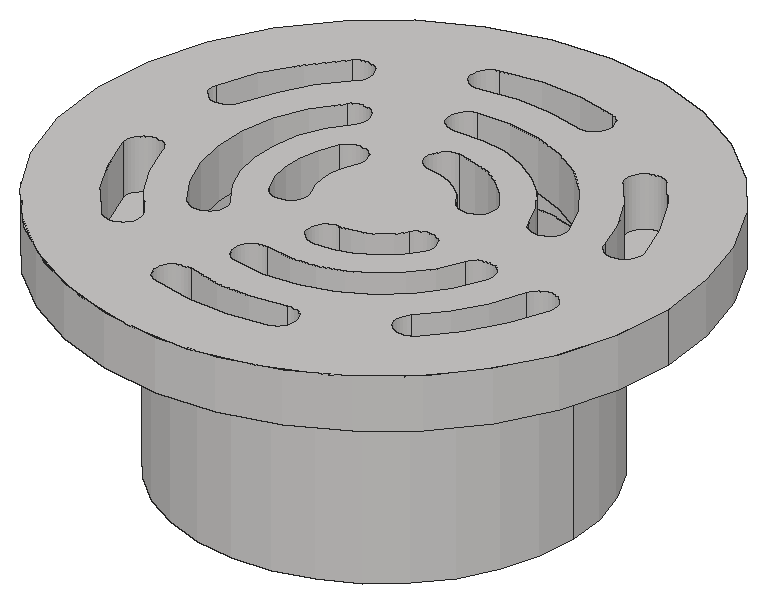
Revit family "PlumbingFixture_Grate_Galvin_G150R-Th", category Plumbing Fixtures, host Face, Revit 2011
Parameters (values of type "302349X - ST/ST 316")
  URL = "www.galvinengineering.com.au"
  Type Comments = "Round"
  StyleOrType_ANZRS = "Grate"
  ModifiedIssue_ANZRS = 20140526.01  # constant formula
  Model = "302349X - ST/ST 316"
  Manufacturer = "Galvin Engineering"
  Keynote = "10800"
  Instructions = "http://www.galvinengineering.com.au/Installation_Guides_1.aspx"
  GrateMaterial = Metal_Drains_Stainless-Steel_15400
  FilterObject_ANZRS = "GRX"
  OutletRadius_DoNotEdit = 50 mm
  DimTop = 150 mm  # constant formula
  DimOutlet = if(OutletRadius_DoNotEdit > 0 mm, (OutletRadius_DoNotEdit * 2), (OutletRadius_DoNotEdit * 2))  # 100 mm
  DimHeight = 63 mm  # constant formula
  DimDepth = 40 mm  # constant formula
  Description = "Round Threaded Floor Drain - Grate Assembly"
  Default Elevation = 0 mm
  CreatedBy_ANZRS = "Galvin Engineering"
  CreatedByURL_ANZRS = "www.galvinengineering.com.au"
  CreatedByPhoneNo_ANZRS = "61-8-92495900"
  Circulation_ANZRS = yes
  CHWFlow_ANZRS = 2.8 L/s
  BodyMaterial = Metal_Drains_Stainless-Steel-Threaded_15400
  Assembly Code = "D2040200"
Reference planes
  plane 1 "Center (Front/Back)": y = 0
  plane 2 "Face": z = 0
  plane 3 "Center (Left/Right)": x = 0
  plane 4 "Left": x = -75
  plane 5 "Right": x = 75
  plane 6 "Depth": z = -23
  plane 7 "Bottom": z = -63
Forms (mm)
  Revolve 1, solid, material "Metal_Drains_Stainless-Steel_15400" <- "GrateMaterial"
    sketch origin (0, 0, 0) x (1, 0, 0) y (0, 0, 1)
      loop
        line (48.5, -23) -> (51.666, -23) -> (58.185, -15) -> (61.985, -15) -> (61.985, -13) -> (48.5, -13) -> (48.5, -23)
      axis (0, -13) -> (0, -23)
    angle from 0 to 360
  Extrusion 2, solid, material "Metal_Drains_Stainless-Steel_15400" <- "GrateMaterial"
    sketch origin (0, 0, 0) x (1, 0, 0) y (0, 1, 0)
      loop
        circle (0, 0) r 75
      loop
        arc (-41.515, 41.216) -> (-50.662, 29.25) -> (-56.451, 15.345) r 58.5
        arc (-56.451, 15.345) -> (-53.289, 9.823) -> (-47.767, 12.985) r 4.5
        arc (-47.767, 12.985) -> (-42.868, 24.75) -> (-35.128, 34.875) r 49.5
        arc (-35.128, 34.875) -> (-35.151, 41.239) -> (-41.515, 41.216) r 4.5
      loop
        arc (-30.838, 26.254) -> (-40.5, 0) -> (-30.838, -26.254) r 40.5
        arc (-30.838, -26.254) -> (-24.495, -26.763) -> (-23.985, -20.419) r 4.5
        arc (-23.985, -20.419) -> (-31.5, 0) -> (-23.985, 20.419) r 31.5
        arc (-23.985, 20.419) -> (-24.495, 26.763) -> (-30.838, 26.254) r 4.5
      loop
        arc (-47.767, -12.985) -> (-53.289, -9.823) -> (-56.451, -15.345) r 4.5
        arc (-56.451, -15.345) -> (-50.662, -29.25) -> (-41.515, -41.216) r 58.5
        arc (-41.515, -41.216) -> (-35.151, -41.239) -> (-35.128, -34.875) r 4.5
        arc (-35.128, -34.875) -> (-42.868, -24.75) -> (-47.767, -12.985) r 49.5
      loop
        arc (-21.022, 11.579) -> (-24, 0) -> (-21.022, -11.579) r 24
        arc (-21.022, -11.579) -> (-14.909, -13.35) -> (-13.139, -7.237) r 4.5
        arc (-13.139, -7.237) -> (-15, 0) -> (-13.139, 7.237) r 15
        arc (-13.139, 7.237) -> (-14.909, 13.35) -> (-21.022, 11.579) r 4.5
      loop
        arc (12.837, 7.76) -> (19.016, 6.237) -> (20.539, 12.416) r 4.5
        arc (20.539, 12.416) -> (12, 20.785) -> (0.483, 23.995) r 24
        arc (0.483, 23.995) -> (-4.106, 19.587) -> (0.302, 14.997) r 4.5
        arc (0.302, 14.997) -> (7.5, 12.99) -> (12.837, 7.76) r 15
      loop
        arc (29.676, 10.562) -> (35.425, 7.832) -> (38.155, 13.58) r 4.5
        arc (38.155, 13.58) -> (20.25, 35.074) -> (-7.317, 39.834) r 40.5
        arc (-7.317, 39.834) -> (-10.93, 34.595) -> (-5.691, 30.982) r 4.5
        arc (-5.691, 30.982) -> (15.75, 27.28) -> (29.676, 10.562) r 31.5
      loop
        arc (12.638, 47.859) -> (18.138, 51.061) -> (14.936, 56.561) r 4.5
        arc (14.936, 56.561) -> (0, 58.5) -> (-14.936, 56.561) r 58.5
        arc (-14.936, 56.561) -> (-18.138, 51.061) -> (-12.638, 47.859) r 4.5
        arc (-12.638, 47.859) -> (0, 49.5) -> (12.638, 47.859) r 49.5
      loop
        arc (47.767, 12.985) -> (53.289, 9.823) -> (56.451, 15.345) r 4.5
        arc (56.451, 15.345) -> (50.662, 29.25) -> (41.515, 41.216) r 58.5
        arc (41.515, 41.216) -> (35.151, 41.239) -> (35.128, 34.875) r 4.5
        arc (35.128, 34.875) -> (42.868, 24.75) -> (47.767, 12.985) r 49.5
      loop
        arc (0.302, -14.997) -> (-4.106, -19.587) -> (0.483, -23.995) r 4.5
        arc (0.483, -23.995) -> (12, -20.785) -> (20.539, -12.416) r 24
        arc (20.539, -12.416) -> (19.016, -6.237) -> (12.837, -7.76) r 4.5
        arc (12.837, -7.76) -> (7.5, -12.99) -> (0.302, -14.997) r 15
      loop
        arc (-5.691, -30.982) -> (-10.93, -34.595) -> (-7.317, -39.834) r 4.5
        arc (-7.317, -39.834) -> (20.25, -35.074) -> (38.155, -13.58) r 40.5
        arc (38.155, -13.58) -> (35.425, -7.832) -> (29.676, -10.562) r 4.5
        arc (29.676, -10.562) -> (15.75, -27.28) -> (-5.691, -30.982) r 31.5
      loop
        arc (35.128, -34.875) -> (35.151, -41.239) -> (41.515, -41.216) r 4.5
        arc (41.515, -41.216) -> (50.662, -29.25) -> (56.451, -15.345) r 58.5
        arc (56.451, -15.345) -> (53.289, -9.823) -> (47.767, -12.985) r 4.5
        arc (47.767, -12.985) -> (42.868, -24.75) -> (35.128, -34.875) r 49.5
      loop
        arc (-12.638, -47.859) -> (-18.138, -51.061) -> (-14.936, -56.561) r 4.5
        arc (-14.936, -56.561) -> (0, -58.5) -> (14.936, -56.561) r 58.5
        arc (14.936, -56.561) -> (18.138, -51.061) -> (12.638, -47.859) r 4.5
        arc (12.638, -47.859) -> (0, -49.5) -> (-12.638, -47.859) r 49.5
    from 0 to -13
  Extrusion 3, solid, material "Metal_Drains_Stainless-Steel-Threaded_15400" <- "BodyMaterial"
    sketch origin (0, 0, 0) x (1, 0, 0) y (0, 1, 0)
      loop
        circle (0, 0) r 50
      loop
        circle (0, 0) r 48.5
    from -23 to -63
  Revolve 4, void
    sketch origin (0, 0, 0) x (1, 0, 0) y (0, 0, 1)
      loop
        line (50, -23) -> (51.666, -23) -> (58.185, -15) -> (61.985, -15) -> (61.985, -13) -> (75, -13) -> (75, 0) -> (0, 0) -> (0, -63) -> (50, -63) -> (50, -23)
      axis (0, 0) -> (0, -63)
    angle from 0 to 360
Lines and regions (mm)
  symbolic lines, style "Waste Outlets", detail levels medium+fine
    curve 1: circle (0, 0, 0) r 67.5 normal (0, 0, 1)
    curve 3: circle (-27.375, 47.415, 0) r 6 normal (0, 0, 1)
    curve 6: circle (-27.375, -47.415, 0) r 6 normal (0, 0, 1)
    curve 9: circle (54.75, 0, 0) r 6 normal (0, 0, 1)
  symbolic lines, style "Waste Outlets"
    curve 2: circle (-27.375, 47.415, 0) r 7.5 normal (0, 0, 1)
    curve 4: circle (-27.375, 47.415, 0) r 2.166 normal (0, 0, 1)
    curve 5: circle (-27.375, -47.415, 0) r 7.5 normal (0, 0, 1)
    curve 7: circle (-27.375, -47.415, 0) r 2.166 normal (0, 0, 1)
    curve 8: circle (54.75, 0, 0) r 7.5 normal (0, 0, 1)
    curve 10: circle (54.75, 0, 0) r 2.166 normal (0, 0, 1)
Dimensions and locks
  "DimTop": plane 4 "Left" to plane 5 "Right"
  "DimDepth": plane 6 "Depth" to plane 7 "Bottom"
  "DimHeight": host face to plane 7 "Bottom"
  aligned and locked: plane 2 "Face" to host face
  aligned and locked: level to host face
Automatic sketch dimensions
  curve 2 to curve 3 = 0 mm  (x2)
  curve 2 to curve 4 = 0 mm  (x2)
  curve 3 to curve 4 = 0 mm  (x2)
  curve 5 to curve 6 = 0 mm  (x2)
  curve 5 to curve 7 = 0 mm  (x2)
  curve 6 to curve 7 = 0 mm  (x2)
  curve 8 to curve 9 = 0 mm  (x2)
  curve 8 to curve 10 = 0 mm  (x2)
  curve 9 to curve 10 = 0 mm  (x2)
  plane 1 "Center (Front/Back)" to curve 1 = 0 mm
  curve 1 to plane 3 "Center (Left/Right)" = 0 mm
  plane 1 "Center (Front/Back)" to curve 9 = 0 mm
  curve 6 to plane 3 "Center (Left/Right)" = 27.375 mm
  curve 4 to plane 3 "Center (Left/Right)" = 27.375 mm
  curve 9 to plane 5 "Right" = 20.25 mm
  plane 1 "Center (Front/Back)" to curve 6 = 47.415 mm
  curve 2 to plane 1 "Center (Front/Back)" = 47.415 mm
  host sketch curve to host sketch curve = 400 mm  (x2)
  Revolve 1 sketch curve to plane 3 "Center (Left/Right)" = 0 mm
  Revolve 1 sketch curve to plane 5 "Right" = 26.5 mm
  Revolve 1 sketch curve to Revolve 1 sketch curve = 3.166 mm
  Revolve 1 sketch curve to Revolve 1 sketch curve = 9.685 mm
  Revolve 1 sketch curve to Revolve 1 sketch curve = 3.8 mm
  Revolve 1 sketch curve to level = 82.509 mm
  Revolve 1 sketch curve to level = 23 mm
  Revolve 1 sketch curve to Revolve 1 sketch curve = 8 mm
  Revolve 1 sketch curve to Revolve 1 sketch curve = 2 mm
  level to Revolve 1 sketch curve = 22.491 mm
  Extrusion 2 sketch curve to Extrusion 2 sketch curve = 0 mm  (x636)
  plane 1 "Center (Front/Back)" to Extrusion 2 sketch curve = 0 mm
  Extrusion 2 sketch curve to plane 3 "Center (Left/Right)" = 0 mm
  Extrusion 2 sketch curve to plane 3 "Center (Left/Right)" = 5.691 mm  (x2)
  Extrusion 2 sketch curve to Extrusion 2 sketch curve = 0.813 mm  (x2)
  Extrusion 2 sketch curve to Extrusion 2 sketch curve = 5.321 mm  (x2)
  Extrusion 2 sketch curve to plane 1 "Center (Front/Back)" = 7.237 mm
  Extrusion 2 sketch curve to plane 3 "Center (Left/Right)" = 13.139 mm  (x2)
  Extrusion 2 sketch curve to Extrusion 2 sketch curve = 1.149 mm  (x4)
  Extrusion 2 sketch curve to Extrusion 2 sketch curve = 3.942 mm  (x2)
  Extrusion 2 sketch curve to Extrusion 2 sketch curve = 2.963 mm  (x2)
  Extrusion 2 sketch curve to Extrusion 2 sketch curve = 3.426 mm  (x2)
  Extrusion 2 sketch curve to Extrusion 2 sketch curve = 4.29 mm  (x2)
  Extrusion 2 sketch curve to Extrusion 2 sketch curve = 3.193 mm  (x4)
  Extrusion 2 sketch curve to Extrusion 2 sketch curve = 16.928 mm  (x2)
  plane 1 "Center (Front/Back)" to Extrusion 2 sketch curve = 12.985 mm
  Extrusion 2 sketch curve to Extrusion 2 sketch curve = 4.342 mm  (x4)
  plane 3 "Center (Left/Right)" to Extrusion 2 sketch curve = 0.302 mm  (x2)
  plane 3 "Center (Left/Right)" to Extrusion 2 sketch curve = 0.393 mm  (x2)
  plane 3 "Center (Left/Right)" to Extrusion 2 sketch curve = 12.638 mm  (x2)
  Extrusion 2 sketch curve to Extrusion 2 sketch curve = 12.535 mm  (x2)
  Extrusion 2 sketch curve to Extrusion 2 sketch curve = 3.851 mm  (x2)
  Extrusion 2 sketch curve to Extrusion 2 sketch curve = 9.138 mm  (x2)
  Extrusion 2 sketch curve to Extrusion 2 sketch curve = 4.239 mm  (x2)
  Extrusion 2 sketch curve to Extrusion 2 sketch curve = 3.027 mm  (x2)
  Extrusion 2 sketch curve to Extrusion 2 sketch curve = 9.611 mm  (x2)
  plane 1 "Center (Front/Back)" to Extrusion 2 sketch curve = 47.859 mm
  Extrusion 2 sketch curve to Extrusion 2 sketch curve = 6.644 mm
  Extrusion 2 sketch curve to Extrusion 2 sketch curve = 8.026 mm  (x2)
  Extrusion 2 sketch curve to Extrusion 2 sketch curve = 8.621 mm
  Extrusion 2 sketch curve to Extrusion 2 sketch curve = 6.986 mm
  Extrusion 2 sketch curve to plane 1 "Center (Front/Back)" = 7.76 mm
  Extrusion 2 sketch curve to Extrusion 2 sketch curve = 1.854 mm
  Extrusion 2 sketch curve to plane 1 "Center (Front/Back)" = 12.985 mm
  Extrusion 2 sketch curve to Extrusion 2 sketch curve = 0.595 mm
  Extrusion 3 sketch curve to Extrusion 3 sketch curve = 0 mm  (x2)
  plane 1 "Center (Front/Back)" to Extrusion 3 sketch curve = 0 mm
  Extrusion 3 sketch curve to plane 3 "Center (Left/Right)" = 0 mm
  Revolve 4 sketch curve to plane 3 "Center (Left/Right)" = 0 mm  (x2)
  Revolve 4 sketch curve to level = 0 mm
  Revolve 4 sketch curve to plane 5 "Right" = 0 mm
  Revolve 4 sketch curve to plane 5 "Right" = 25 mm
  Revolve 4 sketch curve to Revolve 4 sketch curve = 1.666 mm
  Revolve 4 sketch curve to Revolve 4 sketch curve = 6.519 mm
  Revolve 4 sketch curve to Revolve 4 sketch curve = 3.8 mm
  Revolve 4 sketch curve to level = 13 mm
  Revolve 4 sketch curve to Revolve 4 sketch curve = 2 mm
  Revolve 4 sketch curve to Revolve 4 sketch curve = 8 mm
  Revolve 4 sketch curve to Revolve 4 sketch curve = 40 mm
  Revolve 4 sketch curve to Revolve 4 sketch curve = 19.509 mm
  Revolve 4 sketch curve to Revolve 4 sketch curve = 22.491 mm
  radius of curve 1 = 67.5 mm
  radius of curve 2 = 7.5 mm
  radius of curve 3 = 6 mm
  radius of curve 4 = 2.166 mm
  radius of curve 5 = 7.5 mm
  radius of curve 6 = 6 mm
  radius of curve 7 = 2.166 mm
  radius of curve 8 = 7.5 mm
  radius of curve 9 = 6 mm
  radius of curve 10 = 2.166 mm
  radius of Extrusion 2 sketch curve = 75 mm
  radius of Extrusion 3 sketch curve = 50 mm
  radius of Extrusion 3 sketch curve = 48.5 mm
Connectors
  piping at (0, 0, -63), driven by "OutletRadius_DoNotEdit"
    settings: on Extrusion 3, index 1, connector radius 1.9685", flow factor 0, pipe flow 0.0 L/s, pressure drop 0.00 psi, fitting loss kfactor 0, connector angle 0.00°, fixture units 0, engagement length 0 mm, flow configuration 0, flow direction 0, fitting loss method 0, system type 28, joint type 0, gender type 0, connector reference index -1, connector utility 0, adjustable connector no, is connector primary yes, fitting loss table "", connector description ""
